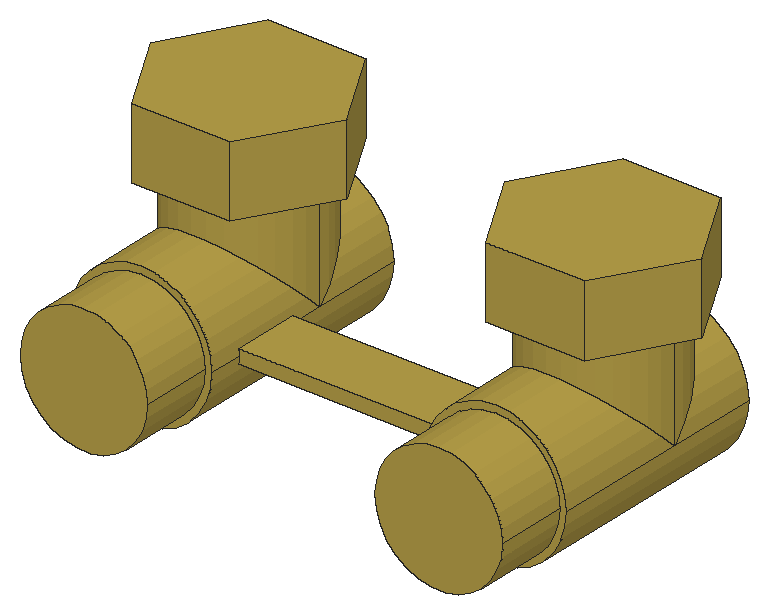
Revit family "Угловой H-образный клапан «Standart V»", category Арматура трубопроводов, Revit 2020
Family settings
  Размер круглого соединителя = Использовать диаметр
  Тип детали = Клапан - Вставляется
  На основе рабочей плоскости = Нет
  Всегда вертикально = Нет
  При загрузке вырезать с полостями = Нет
  Общий = Да
Parameters (values of type "¾’’ Евроконус – ¾’’ нар.")
  Пользовательский [instance] = yes
  Default Elevation = 0 mm
  Description = ""
  Assembly Code = ""
  Manufacturer = ""
  URL = "https://www.weser.ru/about/documentation/"
  L2 = 35 mm
  L1 = 50 mm
  Kvs [instance] = 0.0 m³/h
  D = 15 mm
  ADSK_Наименование краткое [instance] = "Запорно-присоединительный узел"  # constant formula
  ADSK_Наименование [instance] = "Угловой H-образный клапан «Standart» V"  # constant formula
  ADSK_Материал = Латунь
  ADSK_Масса [instance] = 0
  ADSK_Код изделия [instance] = "891521"
  ADSK_Завод-изготовитель = "Weser"  # constant formula
  ADSK_Единица измерения = "шт."  # constant formula
  ADSK_Диаметр условный = 20 mm
  ADSK_Группирование [instance] = ""
  ADSK_URL страницы изделия [instance] = ""
  ADSK_URL документации изделия [instance] = ""
Reference planes
  plane 1 "По центру (Вперед/Назад)": y = 0
  plane 2: z = 0
  plane 3 "По центру (Влево/Вправо)": x = 0
  plane 4: x = -25
  plane 5: x = 25
  plane 6: y = 19.5
  plane 7: y = -19.5
  plane 8: y = 9.5
  plane 9: y = -9.5
  plane 10: y = 4.75
  plane 11: y = -4.75
  plane 12: z = 15
  plane 13: z = 25
  plane 14: y = 22.5
  plane 15: y = 24.5
Forms (mm)
  Extrusion 1, solid, material "Латунь" <- "ADSK_Материал", detail levels fine
    sketch origin (0, 0, 0) x (1, 0, 0) y (0, 0, 1)
      loop
        circle (-25, 0) r 10
      loop
        circle (25, 0) r 10
    from -22.5 to 9.5
  Extrusion 2, solid, material "Латунь" <- "ADSK_Материал", detail levels fine
    sketch origin (0, 9.5, 42.65) x (0, -1, 0) y (1, 0, 0)
      loop
        line (12, -31.928) -> (12, -18.072) -> (0, -11.144) -> (-12, -18.072) -> (-12, -31.928) -> (0, -38.856) -> (12, -31.928)
      loop
        line (12, 18.072) -> (12, 31.928) -> (0, 38.856) -> (-12, 31.928) -> (-12, 18.072) -> (0, 11.144) -> (12, 18.072)
    from -27.65 to -17.65
  Extrusion 3, solid, material "Латунь" <- "ADSK_Материал", detail levels fine
    sketch origin (0, 0, 0) x (1, 0, 0) y (0, 0, 1)
      loop
        circle (-25, 0) r 9
      loop
        circle (25, 0) r 9
    from 9.5 to 19.5
  Extrusion 4, solid, material "Латунь" <- "ADSK_Материал", detail levels fine
    sketch origin (0, 0, 0) x (1, 0, 0) y (0, 1, 0)
      loop
        line (-25, 4.75) -> (-25, -4.75) -> (25, -4.75) -> (25, 4.75) -> (-25, 4.75)
    from -1 to 1
  Extrusion 5, solid, material "Латунь" <- "ADSK_Материал", detail levels fine
    sketch origin (0, 0, 0) x (1, 0, 0) y (0, 0, 1)
      loop
        circle (-25, 0) r 7.5
      loop
        circle (25, 0) r 7.5
    from -24.5 to -22.5
  Extrusion 6, solid, material "Латунь" <- "ADSK_Материал", detail levels fine
    sketch origin (0, 0, 0) x (1, 0, 0) y (0, 1, 0)
      loop
        circle (-25, 9.5) r 10
      loop
        circle (25, 9.5) r 10
    from 0 to 15
Cuts and joins
  joined: Extrusion 1, Extrusion 2, Extrusion 3, Extrusion 4, Extrusion 5, Extrusion 6
Dimensions and locks
  equal spacing: plane 4, plane 3 "По центру (Влево/Вправо)", plane 5
  "L1": plane 4 to plane 5
  equal spacing: plane 6, plane 1 "По центру (Вперед/Назад)", plane 7
  locked: plane 6 to plane 8 at 10
  plane 7 to plane 9 = 10 mm
  equal spacing: plane 8, plane 10, plane 1 "По центру (Вперед/Назад)", plane 11, plane 9
  locked: plane 13 to plane 12 at 10
  plane 13 to level = 25 mm
  plane 6 to plane 14 = 3 mm
  plane 6 to plane 15 = 5 mm
  "ADSK_Диаметр условный": diameter of Extrusion 1 sketch curve  (x2)
  "ADSK_Диаметр условный": diameter of Extrusion 6 sketch curve  (x2)
  "D": diameter of Extrusion 5 sketch curve  (x2)
  aligned and locked: level to plane 2
  aligned and locked: plane 9 to Extrusion 1
  aligned and locked: Extrusion 3 to Extrusion 1
  aligned and locked: Extrusion 3 to plane 7
  aligned and locked: Extrusion 2 to plane 12
  aligned and locked: plane 13 to Extrusion 2
  aligned and locked: Extrusion 5 to cut or joined group of Extrusion 1, Extrusion 2, Extrusion 3, Extrusion 4, Extrusion 5, Extrusion 6
  aligned and locked: Extrusion 6 to level
  aligned and locked: Extrusion 6 to cut or joined group of Extrusion 1, Extrusion 2, Extrusion 3, Extrusion 4, Extrusion 5, Extrusion 6
  aligned and locked: plane 15 to Extrusion 5
  aligned and locked: Extrusion 5 to plane 14
  aligned and locked: Extrusion 5 to Extrusion 1
  aligned and locked: nested 1 to plane 5
Automatic sketch dimensions
  Extrusion 3 sketch curve to level = 0 mm  (x2)
  Extrusion 3 sketch curve to plane 4 = 0 mm
  Extrusion 3 sketch curve to plane 5 = 0 mm
  plane 6 to Extrusion 2 sketch curve = 2 mm  (x2)
  Extrusion 2 sketch curve to plane 6 = 10 mm  (x4)
  Extrusion 2 sketch curve to plane 10 = 7.25 mm  (x2)
  Extrusion 2 sketch curve to plane 4 = 13.856 mm
  Extrusion 2 sketch curve to plane 4 = 6.928 mm  (x2)
  plane 4 to Extrusion 2 sketch curve = 6.928 mm  (x2)
  Extrusion 2 sketch curve to plane 3 "По центру (Влево/Вправо)" = 11.144 mm
  plane 3 "По центру (Влево/Вправо)" to Extrusion 2 sketch curve = 11.144 mm
  Extrusion 2 sketch curve to plane 5 = 6.928 mm  (x2)
  plane 5 to Extrusion 2 sketch curve = 6.928 mm  (x2)
  plane 5 to Extrusion 2 sketch curve = 13.856 mm
  Extrusion 4 sketch curve to plane 4 = 0 mm
  Extrusion 4 sketch curve to plane 5 = 0 mm
  Extrusion 4 sketch curve to plane 11 = 0 mm
  Extrusion 4 sketch curve to plane 10 = 0 mm
  Extrusion 1 sketch curve to level = 0 mm  (x2)
  Extrusion 1 sketch curve to plane 4 = 0 mm
  Extrusion 1 sketch curve to plane 5 = 0 mm
  Extrusion 5 sketch curve to level = 0 mm  (x2)
  Extrusion 5 sketch curve to plane 4 = 0 mm
  Extrusion 5 sketch curve to plane 5 = 0 mm
  Extrusion 6 sketch curve to plane 4 = 0 mm
  Extrusion 6 sketch curve to plane 5 = 0 mm
  Extrusion 6 sketch curve to plane 8 = 0 mm  (x2)
  radius of Extrusion 3 sketch curve = 9 mm  (x2)
Nested families
  nested 1: "УГО Клапан регулирующий проходной" at (25, 2.731, 0) x (0, -1, 0) z (0, 0, 1), type "УГО Клапан регулирующий проходной", detail levels coarse+medium
    with УГО в разрезе no, УГО в плане yes, L1 7.908 mm, L 47.451 mm, H 24.86 mm, D 24.86 mm, ADSK_Позиция "", ADSK_Обозначение "", ADSK_Наименование "", ADSK_Код изделия ""
  nested 2: "УГО Клапан регулирующий проходной" at (-25, 2.731, 0) x (0, -1, 0) z (0, 0, 1), type "УГО Клапан регулирующий проходной", detail levels coarse+medium
    with УГО в разрезе no, УГО в плане yes, L1 7.908 mm, L 47.451 mm, H 24.86 mm, D 24.86 mm, ADSK_Позиция "", ADSK_Обозначение "", ADSK_Наименование "", ADSK_Код изделия ""
Connectors
  piping at (-25, -9.5, 0), diameter 20, driven by "ADSK_Диаметр условный"
    settings: on cut or joined group of Extrusion 1, Extrusion 2, Extrusion 3, Extrusion 4, Extrusion 5, Extrusion 6, index 1, connector inside diameter 609.6 mm, connector length 0 mm, flow factor 0, pipe flow 0.0 m³/h, pressure drop 0.0 Pa, fitting loss kfactor 0, connector angle 0.00°, fixture units 0, engagement length 0 mm, angle of deflection 0.00°, flow configuration 0, flow direction 0, fitting loss method 0, system type 29, joint type 0, gender type 0, connector reference index 5, connector utility 0, adjustable connector no, is connector primary yes, connector description ""
  piping at (25, -9.5, 0), diameter 20, driven by "ADSK_Диаметр условный"
    settings: on cut or joined group of Extrusion 1, Extrusion 2, Extrusion 3, Extrusion 4, Extrusion 5, Extrusion 6, index 2, connector inside diameter 609.6 mm, connector length 0 mm, flow factor 0, pipe flow 0.0 m³/h, pressure drop 0.0 Pa, fitting loss kfactor 0, connector angle 0.00°, fixture units 0, engagement length 0 mm, angle of deflection 0.00°, flow configuration 0, flow direction 0, fitting loss method 0, system type 29, joint type 0, gender type 0, connector reference index 6, connector utility 0, adjustable connector no, is connector primary no, connector description ""
  piping at (-25, 9.5, 25), diameter 20, driven by "ADSK_Диаметр условный"
    settings: on cut or joined group of Extrusion 1, Extrusion 2, Extrusion 3, Extrusion 4, Extrusion 5, Extrusion 6, index 5, connector inside diameter 609.6 mm, connector length 0 mm, flow factor 0, pipe flow 0.0 m³/h, pressure drop 0.0 Pa, fitting loss kfactor 0, connector angle 0.00°, fixture units 0, engagement length 0 mm, angle of deflection 0.00°, flow configuration 0, flow direction 0, fitting loss method 0, system type 28, joint type 0, gender type 0, connector reference index 1, connector utility 0, adjustable connector no, is connector primary no, connector description ""
  piping at (25, 9.5, 25), diameter 20, driven by "ADSK_Диаметр условный"
    settings: on cut or joined group of Extrusion 1, Extrusion 2, Extrusion 3, Extrusion 4, Extrusion 5, Extrusion 6, index 6, connector inside diameter 609.6 mm, connector length 0 mm, flow factor 0, pipe flow 0.0 m³/h, pressure drop 0.0 Pa, fitting loss kfactor 0, connector angle 0.00°, fixture units 0, engagement length 0 mm, angle of deflection 0.00°, flow configuration 0, flow direction 0, fitting loss method 0, system type 28, joint type 0, gender type 0, connector reference index 2, connector utility 0, adjustable connector no, is connector primary no, connector description ""
  piping at (25, 24.5, 0), diameter 15
    settings: on cut or joined group of Extrusion 1, Extrusion 2, Extrusion 3, Extrusion 4, Extrusion 5, Extrusion 6, index 7, connector inside diameter 609.6 mm, connector length 0 mm, flow factor 0, pipe flow 0.0 m³/h, pressure drop 0.0 Pa, fitting loss kfactor 0, connector angle 0.00°, fixture units 0, engagement length 0 mm, angle of deflection 0.00°, flow configuration 0, flow direction 0, fitting loss method 0, system type 28, joint type 0, gender type 0, connector reference index -1, connector utility 0, adjustable connector no, is connector primary no, connector description ""
  piping at (-25, 24.5, 0), diameter 15
    settings: on cut or joined group of Extrusion 1, Extrusion 2, Extrusion 3, Extrusion 4, Extrusion 5, Extrusion 6, index 8, connector inside diameter 609.6 mm, connector length 0 mm, flow factor 0, pipe flow 0.0 m³/h, pressure drop 0.0 Pa, fitting loss kfactor 0, connector angle 0.00°, fixture units 0, engagement length 0 mm, angle of deflection 0.00°, flow configuration 0, flow direction 0, fitting loss method 0, system type 28, joint type 0, gender type 0, connector reference index -1, connector utility 0, adjustable connector no, is connector primary no, connector description ""
Definition of nested family "УГО Клапан регулирующий проходной"
  Parameters (values of type "УГО Клапан запорно-балансировочный ручной")
    УГО в разрезе [instance] = not(УГО в плане)  # no
    УГО в плане [instance] = yes
    Разработчик (телефон) = ""
    Разработчик (email) = ""
    Разработчик (URL) = ""
    Разработчик = ""
    Default Elevation = 0 mm
    Manufacturer = ""
    L1 [instance] = L / 6  # 16.667 mm
    L [instance] = 100 mm
    H [instance] = D  # 50 mm
    D [instance] = 50 mm
    ADSK_Позиция [instance] = ""
    ADSK_Обозначение [instance] = ""
    ADSK_Наименование [instance] = ""
    ADSK_Масса = 0
    ADSK_Количество = 1  # constant formula
    ADSK_Код изделия [instance] = ""
    ADSK_Завод-изготовитель = Manufacturer  # ""
    ADSK_Единица измерения = "шт"  # constant formula
    ADSK_URL документации изделия = ""
  Types (3, lengths in mm): name | L1 | L | H | D
    УГО Клапан регулирующий проходной | 33.333 | 200 | 100 | 100
    УГО Клапан запорный | 33.333 | 200 | 100 | 100
    УГО Клапан запорно-балансировочный ручной | 16.667 | 100 | 50 | 50
  Reference planes
    plane 1 "По центру (Вперед/Назад)": y = 0
    plane 2: z = 0
    plane 3 "По центру (Влево/Вправо)": x = 0
    plane 4: x = -50
    plane 5: x = -8.333
    plane 6: x = 50
    plane 7: x = 8.333
    plane 8: y = 50
    plane 9: y = 25
    plane 10: y = -25
    plane 11: z = 25
    plane 12: z = 50
    plane 13: z = -25
  Lines and regions (mm)
    model lines, visible <- "УГО в плане", detail levels coarse+medium
      curve 1: line (-50, 25, 0) -> (-50, -25, 0)
      curve 2: line (-50, -25, 0) -> (50, 25, 0)
      curve 3: line (50, 25, 0) -> (50, -25, 0)
      curve 4: line (50, -25, 0) -> (-50, 25, 0)
      curve 5: line (-8.333, 25, 0) -> (0, 0, 0)
      curve 6: line (0, 0, 0) -> (8.333, 25, 0)
      curve 7: line (8.333, 25, 0) -> (-8.333, 25, 0)
      curve 8: line (0, 50, 0) -> (0, 25, 0)
    model lines, visible <- "УГО в разрезе", detail levels coarse+medium
      curve 9: line (-50, 0, 25) -> (-50, 0, -25)
      curve 10: line (-50, 0, -25) -> (50, 0, 25)
      curve 11: line (50, 0, 25) -> (50, 0, -25)
      curve 12: line (50, 0, -25) -> (-50, 0, 25)
      curve 13: line (0, 0, 0) -> (-8.333, 0, 25)
      curve 14: line (-8.333, 0, 25) -> (8.333, 0, 25)
      curve 15: line (8.333, 0, 25) -> (0, 0, 0)
      curve 16: line (0, 0, 50) -> (0, 0, 25)
    symbolic lines, detail levels coarse+medium
      curve 17: line (-50, 0, 25) -> (-50, 0, -25)
      curve 18: line (-50, 0, -25) -> (50, 0, 25)
      curve 19: line (50, 0, 25) -> (50, 0, -25)
      curve 20: line (50, 0, -25) -> (-50, 0, 25)
      curve 21: line (0, 0, 0) -> (-8.333, 0, 25)
      curve 22: line (-8.333, 0, 25) -> (8.333, 0, 25)
      curve 23: line (8.333, 0, 25) -> (0, 0, 0)
      curve 24: line (0, 0, 25) -> (0, 0, 50)
      curve 25: line (-50, 25, 0) -> (-50, -25, 0)
      curve 26: line (-50, -25, 0) -> (50, 25, 0)
      curve 27: line (50, 25, 0) -> (50, -25, 0)
      curve 28: line (50, -25, 0) -> (-50, 25, 0)
      curve 29: line (0, 0, 0) -> (-8.333, 25, 0)
      curve 30: line (-8.333, 25, 0) -> (8.333, 25, 0)
      curve 31: line (8.333, 25, 0) -> (0, 0, 0)
      curve 32: line (0, 25, 0) -> (0, 50, 0)
  Dimensions and locks
    equal spacing: plane 4, plane 3 "По центру (Влево/Вправо)", plane 6
    "L": plane 4 to plane 6
    equal spacing: plane 5, plane 3 "По центру (Влево/Вправо)", plane 7
    "L1": plane 5 to plane 7
    equal spacing: plane 9, plane 1 "По центру (Вперед/Назад)", plane 10
    "D": plane 9 to plane 10
    "H": plane 8 to plane 1 "По центру (Вперед/Назад)"
    equal spacing: plane 11, level, plane 13
    "D": plane 11 to plane 13
    "H": plane 12 to level
    aligned and locked: level to plane 2
  Automatic sketch dimensions
    curve 15 to level = 0 mm
    curve 16 to plane 3 "По центру (Влево/Вправо)" = 0 mm
    curve 23 to level = 0 mm
    plane 7 to curve 14 = 0 mm
    curve 11 to plane 13 = 0 mm
    curve 16 to plane 12 = 0 mm
    curve 18 to plane 11 = 0 mm
    plane 6 to curve 20 = 0 mm
    curve 20 to plane 11 = 0 mm
    curve 21 to plane 5 = 0 mm
    curve 21 to level = 0 mm
    curve 21 to plane 11 = 0 mm
    curve 23 to plane 3 "По центру (Влево/Вправо)" = 0 mm
    curve 24 to plane 3 "По центру (Влево/Вправо)" = 0 mm
    curve 24 to plane 12 = 0 mm
    curve 9 to plane 4 = 0 mm
    curve 6 to plane 3 "По центру (Влево/Вправо)" = 0 mm
    curve 8 to plane 3 "По центру (Влево/Вправо)" = 0 mm
    curve 6 to plane 9 = 0 mm
    curve 26 to plane 9 = 0 mm
    curve 8 to plane 8 = 0 mm
    plane 10 to curve 25 = 0 mm
    curve 26 to plane 4 = 0 mm
    curve 26 to plane 6 = 0 mm
    plane 10 to curve 28 = 0 mm
    curve 28 to plane 9 = 0 mm
    curve 29 to plane 5 = 0 mm
    curve 29 to plane 3 "По центру (Влево/Вправо)" = 0 mm
    curve 31 to plane 7 = 0 mm
    curve 32 to plane 3 "По центру (Влево/Вправо)" = 0 mm
    curve 32 to plane 8 = 0 mm
